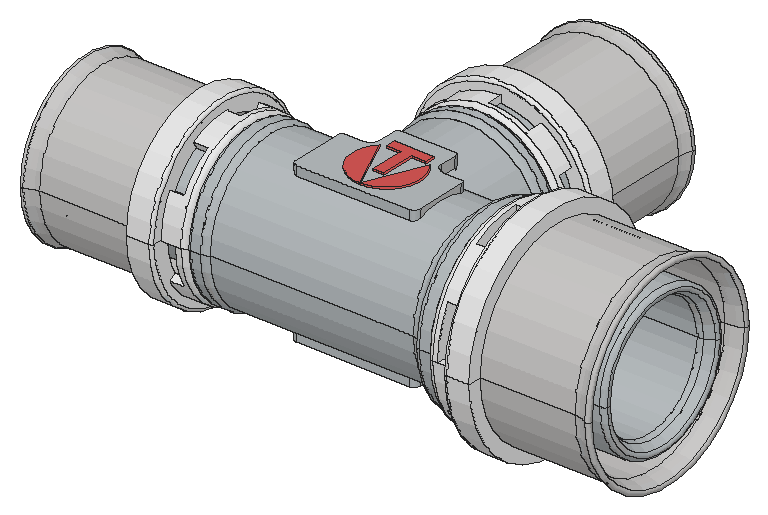
Revit family "VTm_231_ТройникПресс1", category Соединительные детали трубопроводов, Revit 2017
Family settings
  Размер круглого соединителя = Использовать диаметр
  Тип детали = Тройник
  На основе рабочей плоскости = Нет
  Всегда вертикально = Да
  При загрузке вырезать с полостями = Нет
  Общий = Нет
Parameters (values of type "все существующие типоразмеры подбираются автоматически")
  Тело32х32х26 = VTm_231_ТелоТройника_32_32_26__32_32_20 : 32 х 20 х 26
  Тело32х32х20 = VTm_231_ТелоТройника_32_32_26__32_32_20 : 32 х 20 х 26
  Тело32х26х32 = VTm_231_ТелоТройника_32_20_32__32_26_32 : 32 х 20 х 32 и 32 х 26 х 32
  Тело32х26х26 = VTm_231_ТелоТройника_32_20_26__32_26_26 : 32 х 20 х 26 и 32 х 26 х 26
  Тело32х20х32 = VTm_231_ТелоТройника_32_20_32__32_26_32 : 32 х 20 х 32 и 32 х 26 х 32
  Тело32х20х26 = VTm_231_ТелоТройника_32_20_26__32_26_26 : 32 х 20 х 26 и 32 х 26 х 26
  Тело32х16х32 = VTm_231_ТелоТройника_32_16_32 : 32 х 16 х 32
  Тело32 = VTm_231_ТелоТройника_32_32_32 : 32 х 32 х 32
  Тело26х32х32 = VTm_231_ТелоТройника_26_32_32z__20_32_32z : 32 х 20 х 26
  Тело26х32х26 = VTm_231_ТелоТройника_26_32_26 : 26 х 32 х 26
  Тело26х26х32 = VTm_231_ТелоТройника_26_20_32z__26_26_32z : 32 х 20 х 26
  Тело26х26х20 = VTm_231_ТелоТройника_26_20_16__26_20_20__26_20_26__26_26_20__26_26_26 : 26 х 20 х 16 по 26 х 26 х 26
  Тело26х20х32 = VTm_231_ТелоТройника_26_20_32z__26_26_32z : 32 х 20 х 26
  Тело26х20х26 = VTm_231_ТелоТройника_26_20_16__26_20_20__26_20_26__26_26_20__26_26_26 : 26 х 20 х 16 по 26 х 26 х 26
  Тело26х20х20 = VTm_231_ТелоТройника_26_20_16__26_20_20__26_20_26__26_26_20__26_26_26 : 26 х 20 х 16 по 26 х 26 х 26
  Тело26х20х16 = VTm_231_ТелоТройника_26_20_16__26_20_20__26_20_26__26_26_20__26_26_26 : 26 х 20 х 16 по 26 х 26 х 26
  Тело26х16х26 = VTm_231_ТелоТройника_26_16_26 : 26 х 16 х 26
  Тело26х16х20 = VTm_231_ТелоТройника_26_16_20 : 26 х 16 х 20
  Тело26 = VTm_231_ТелоТройника_26_20_16__26_20_20__26_20_26__26_26_20__26_26_26 : 26 х 20 х 16 по 26 х 26 х 26
  Тело20х32х32 = VTm_231_ТелоТройника_26_32_32z__20_32_32z : 32 х 20 х 26
  Тело20х26х26 = VTm_231_ТелоТройника_26_20_16__26_20_20__26_20_26__26_26_20__26_26_26 : 26 х 20 х 16 по 26 х 26 х 26
  Тело20х26х20 = VTm_231_ТелоТройника_20_26_20 : 20 х 26 х 20
  Тело20х20х26 = VTm_231_ТелоТройника_26_20_16__26_20_20__26_20_26__26_26_20__26_26_26 : 26 х 20 х 16 по 26 х 26 х 26
  Тело20х20х16 = VTm_231_ТелоТройника_20_20_16 : 20 х 20 х 16
  Тело20х16х26 = VTm_231_ТелоТройника_20_16_26z : 20 х 16 х 26
  Тело20х16х20 = VTm_231_ТелоТройника_20_16_20 : 20 х 16 х 20
  Тело20х16х16 = VTm_231_ТелоТройника_20_16_16 : 20 х 16 х 16
  Тело20 = VTm_231_ТелоТройника_20_20_20 : 20 х 20 х 20
  Тело16х20х26 = VTm_231_ТелоТройника_26_20_16__26_20_20__26_20_26__26_26_20__26_26_26 : 26 х 20 х 16 по 26 х 26 х 26
  Тело16х20х20 = VTm_231_ТелоТройника_16_20_20z : 16 х 20 х 20
  Тело16х20х16 = VTm_231_ТелоТройника_16_20_16 : 16 х 20 х 16
  Тело16х16х20 = VTm_231_ТелоТройника_16_16_20z : 16 х 16 х 20
  Тело16 = VTm_231_ТелоТройника_16_16_16 : 16 х 16 х 16
  Тело [instance] = if(and(DN1 = 16.00 mm, DN2 = 16.00 mm, DN3 = 16.00 mm), Тело16, if(and(DN1 = 16.00 mm, DN2 = 16.00 mm, DN3 = 20.00 mm), Тело16х16х20, if(and(DN1 = 16.00 mm, DN2 = 20.00 mm, DN3 = 16.00 mm), Тело16х20х16, if(and(DN1 = 16.00 mm, DN2 = 20.00 mm, DN3 = 20.00 mm), Тело16х20х20, if(and(DN1 = 16.00 mm, DN2 = 20.00 mm, DN3 = 26.00 mm), Тело16х20х26, if(and(DN1 = 20.00 mm, DN2 = 20.00 mm, DN3 = 20.00 mm), Тело20, if(and(DN1 = 20.00 mm, DN2 = 16.00 mm, DN3 = 16.00 mm), Тело20х16х16, if(and(DN1 = 20.00 mm, DN2 = 16.00 mm, DN3 = 20.00 mm), Тело20х16х20, if(and(DN1 = 20.00 mm, DN2 = 16.00 mm, DN3 = 26.00 mm), Тело20х16х26, if(and(DN1 = 20.00 mm, DN2 = 20.00 mm, DN3 = 16.00 mm), Тело20х20х16, if(and(DN1 = 20.00 mm, DN2 = 20.00 mm, DN3 = 26.00 mm), Тело20х20х26, if(and(DN1 = 20.00 mm, DN2 = 26.00 mm, DN3 = 20.00 mm), Тело20х26х20, if(and(DN1 = 20.00 mm, DN2 = 26.00 mm, DN3 = 26.00 mm), Тело20х26х26, if(and(DN1 = 20.00 mm, DN2 = 32.00 mm, DN3 = 32.00 mm), Тело20х32х32, if(and(DN1 = 26.00 mm, DN2 = 26.00 mm, DN3 = 26.00 mm), Тело26, if(and(DN1 = 26.00 mm, DN2 = 16.00 mm, DN3 = 20.00 mm), Тело26х16х20, if(and(DN1 = 26.00 mm, DN2 = 16.00 mm, DN3 = 26.00 mm), Тело26х16х26, if(and(DN1 = 26.00 mm, DN2 = 20.00 mm, DN3 = 16.00 mm), Тело26х20х16, if(and(DN1 = 26.00 mm, DN2 = 20.00 mm, DN3 = 20.00 mm), Тело26х20х20, if(and(DN1 = 26.00 mm, DN2 = 20.00 mm, DN3 = 26.00 mm), Тело26х20х26, if(and(DN1 = 26.00 mm, DN2 = 20.00 mm, DN3 = 32.00 mm), Тело26х20х32, if(and(DN1 = 26.00 mm, DN2 = 26.00 mm, DN3 = 20.00 mm), Тело26х26х20, if(and(DN1 = 26.00 mm, DN2 = 26.00 mm, DN3 = 32.00 mm), Тело26х26х32, if(and(DN1 = 26.00 mm, DN2 = 32.00 mm, DN3 = 26.00 mm), Тело26х32х26, if(and(DN1 = 26.00 mm, DN2 = 32.00 mm, DN3 = 32.00 mm), Тело26х32х32, if(and(DN1 = 32.00 mm, DN2 = 32.00 mm, DN3 = 32.00 mm), Тело32, if(and(DN1 = 32.00 mm, DN2 = 16.00 mm, DN3 = 32.00 mm), Тело32х16х32, if(and(DN1 = 32.00 mm, DN2 = 20.00 mm, DN3 = 26.00 mm), Тело32х20х26, if(and(DN1 = 32.00 mm, DN2 = 20.00 mm, DN3 = 32.00 mm), Тело32х20х32, if(and(DN1 = 32.00 mm, DN2 = 26.00 mm, DN3 = 26.00 mm), Тело32х26х26, if(and(DN1 = 32.00 mm, DN2 = 26.00 mm, DN3 = 32.00 mm), Тело32х26х32, if(and(DN1 = 32.00 mm, DN2 = 32.00 mm, DN3 = 20.00 mm), Тело32х32х20, Тело32х32х26))))))))))))))))))))))))))))))))  # VTm_231_ТелоТройника_26_20_32z__26_26_32z : 32 х 20 х 26
  Стоимость = 0
  РадБазы3 [instance] = DN3 / 4  # 8.00 mm
  РадБазы2 [instance] = DN2 / 4  # 6.50 mm
  РадБазы1 [instance] = DN1 / 4  # 6.50 mm
  Описание = "Служит для соединения металлополимерных, РЕХ и PE труб"  # constant formula
  Имя, размер [instance] = ADSK_Наименование  # "Тройник пресс 32х26х26 VTm.231"
  VT_Цена базовая [instance] = size_lookup(DB3, "ST1", 0, DN1, DN2, DN3)  # 828
  VT_logo [instance] = Алюминий, анодированный красный
  VT_body = Цинк
  VT_ring = Пластмасса, непрозрачная, белая
  VT_sleeve = Нержавеющая сталь
  Комментарии к типоразмеру = "Модель разработана по заказу ВЕСТА Регионы, автор Михаил Кузьмин НПО ИНКОМИС, правообладатель ВЕСТА Регионы"  # constant formula
  Изготовитель = "VALTEC"  # constant formula
  ДлинаБазы3 [instance] = size_lookup(DB1, "ST3", 0.00 mm, DN1, DN2, DN3)  # 24.30 mm
  ДлинаБазы2 [instance] = size_lookup(DB1, "ST2", 0.00 mm, DN1, DN2, DN3)  # 24.30 mm
  Гильза32 = VTm_231_Гильза_от_16_до_32 : 32
  Гильза3 [instance] = if(DN3 = 16.00 mm, Гильза16, if(DN3 = 20.00 mm, Гильза20, if(DN3 = 26.00 mm, Гильза26, Гильза32)))  # VTm_231_Гильза_от_16_до_32 : 32
  Гильза26 = VTm_231_Гильза_от_16_до_32 : 26
  Гильза20 = VTm_231_Гильза_от_16_до_32 : 20
  Гильза2 [instance] = if(DN2 = 16.00 mm, Гильза16, if(DN2 = 20.00 mm, Гильза20, if(DN2 = 26.00 mm, Гильза26, Гильза32)))  # VTm_231_Гильза_от_16_до_32 : 26
  Гильза16 = VTm_231_Гильза_от_16_до_32 : 16
  Гильза1 [instance] = if(DN1 = 16.00 mm, Гильза16, if(DN1 = 20.00 mm, Гильза20, if(DN1 = 26.00 mm, Гильза26, Гильза32)))  # VTm_231_Гильза_от_16_до_32 : 26
  URL = "http://valtec.ru/catalog/sistemy_metallopolimernyh_i_polimernyh_truboprovodov/press_fitingi/press_fiting_trojnik_vtm231n.html"
  DN3 [instance] = 32.00 mm
  DN2 [instance] = 26.00 mm
  DN1 [instance] = 26.00 mm
  ДлинаБазы1 [instance] = size_lookup(DB1, "ST1", 0.00 mm, DN1, DN2, DN3)  # 24.30 mm
  DB4 = "VTm_231_МассаТекст"  # constant formula
  DB3 = "VTm_231_Артикул_и_цены"  # constant formula
  DB2 = "VTm_231_Позиция_и_масса"  # constant formula
  DB1 = "VTm_231_Наименование_и_размеры"  # constant formula
  ADSK_Примечание [instance] = ""
  ADSK_Позиция [instance] = size_lookup(DB2, "", "Такого типоразмера не существует", DN1, DN2, DN3)  # "231.322626"
  ADSK_Обозначение [instance] = size_lookup(DB3, "", "Такого типоразмера не существует", DN1, DN2, DN3)  # "VTm.231.N.322626"
  ADSK_Наименование [instance] = size_lookup(DB1, "", "Такого типоразмера не существует", DN1, DN2, DN3)  # "Тройник пресс 32х26х26 VTm.231"
  ADSK_Масса_Текст [instance] = size_lookup(DB4, "", " ", DN1, DN2, DN3)  # "0,412"
  ADSK_Масса [instance] = size_lookup(DB2, "m", 0, DN1, DN2, DN3)  # 0.412
  ADSK_Завод-изготовитель = "VALTEC"  # constant formula
  ADSK_Единица измерения = "шт"  # constant formula
  ADSK_Версия семейства = "01.02"  # constant formula
  ADSK_Версия Revit = "2017"  # constant formula
Reference planes
  plane 1 "По центру (Вперед/Назад)": y = 0
  plane 2: z = 0
  plane 3 "По центру (Влево/Вправо)": x = 0
  plane 4: x = -24.3
  plane 5: x = 24.3
  plane 6: y = 24.3
  plane 7: x = -50.3
  plane 8: x = -76.3
  plane 9: y = 50.3
  plane 10: y = 76.3
  plane 11: x = 56.3
  plane 12: x = 88.3
  plane 13: y = 26
  plane 14: y = -26
  plane 15: y = 32
  plane 16: y = -32
  plane 17: x = -26
  plane 18: x = 26
Forms (mm)
  Extrusion 1, solid, not visible
    sketch origin (0, 0, 0) x (0, 1, 0) y (0, 0, 1)
      loop
        circle (0, 0) r 6.5
    from -24.3 to 0
  Extrusion 2, solid, not visible
    sketch origin (0, 0, 0) x (0, 1, 0) y (0, 0, 1)
      loop
        circle (0, 0) r 8
    from 0 to 24.3
  Extrusion 3, solid, not visible
    sketch origin (0, 0, 0) x (1, 0, 0) y (0, 0, 1)
      loop
        circle (0, 0) r 6.5
    from 0 to -24.3
Lines and regions (mm)
  model lines, style "VT_symbol", detail levels medium
    curve 1: line (-76.3, -26, 0) -> (-24.3, 26, 0)
    curve 2: line (-76.3, 26, 0) -> (-24.3, -26, 0)
    curve 3: line (24.3, 32, 0) -> (88.3, -32, 0)
    curve 4: line (88.3, 32, 0) -> (24.3, -32, 0)
    curve 5: line (-26, 24.3, 0) -> (26, 76.3, 0)
    curve 6: line (-26, 76.3, 0) -> (26, 24.3, 0)
  model lines, style "VT_symbol", detail levels coarse+medium
    curve 7: line (-24.3, 0, 0) -> (24.3, 0, 0)
    curve 8: line (0, 24.3, 0) -> (0, 0, 0)
Dimensions and locks
  "ДлинаБазы1": plane 4 to plane 3 "По центру (Влево/Вправо)"
  "ДлинаБазы3": plane 3 "По центру (Влево/Вправо)" to plane 5
  "ДлинаБазы2": plane 6 to plane 1 "По центру (Вперед/Назад)"
  equal spacing: plane 13, plane 1 "По центру (Вперед/Назад)", plane 14
  "DN1": plane 1 "По центру (Вперед/Назад)" to plane 14
  equal spacing: plane 8, plane 7, plane 4
  "DN1": plane 7 to plane 4
  equal spacing: plane 10, plane 9, plane 6
  "DN2": plane 9 to plane 6
  equal spacing: plane 17, plane 3 "По центру (Влево/Вправо)", plane 18
  "DN2": plane 17 to plane 3 "По центру (Влево/Вправо)"
  equal spacing: plane 5, plane 11, plane 12
  "DN3": plane 5 to plane 11
  equal spacing: plane 15, plane 1 "По центру (Вперед/Назад)", plane 16
  "DN3": plane 16 to plane 1 "По центру (Вперед/Назад)"
  "РадБазы1": radius of Extrusion 1 sketch curve
  "РадБазы3": radius of Extrusion 2 sketch curve
  "РадБазы2": radius of Extrusion 3 sketch curve
  aligned and locked: level to plane 2
  aligned and locked: Extrusion 1 to plane 4
  aligned and locked: plane 1 "По центру (Вперед/Назад)" to Extrusion 1 sketch curve
  aligned and locked: plane 2 to Extrusion 1 sketch curve
  aligned and locked: plane 3 "По центру (Влево/Вправо)" to Extrusion 1
  aligned and locked: plane 1 "По центру (Вперед/Назад)" to Extrusion 2 sketch curve
  aligned and locked: plane 2 to Extrusion 2 sketch curve
  aligned and locked: Extrusion 2 to plane 3 "По центру (Влево/Вправо)"
  aligned and locked: plane 5 to Extrusion 2
  aligned and locked: plane 3 "По центру (Влево/Вправо)" to Extrusion 3 sketch curve
  aligned and locked: plane 2 to Extrusion 3 sketch curve
  aligned and locked: plane 1 "По центру (Вперед/Назад)" to Extrusion 3
  aligned and locked: plane 6 to Extrusion 3
  aligned and locked: nested 1 to plane 1 "По центру (Вперед/Назад)"
  aligned and locked: nested 2 to plane 1 "По центру (Вперед/Назад)"
  aligned and locked: plane 3 "По центру (Влево/Вправо)" to nested 3
  aligned and locked: nested 2 to plane 2
  aligned and locked: plane 2 to nested 1
  aligned and locked: plane 2 to nested 3
  aligned and locked: plane 1 "По центру (Вперед/Назад)" to nested 4
  aligned and locked: plane 3 "По центру (Влево/Вправо)" to nested 4
  aligned and locked: nested 5 to plane 1 "По центру (Вперед/Назад)"
  aligned and locked: nested 7 to plane 1 "По центру (Вперед/Назад)"
  aligned and locked: nested 5 to plane 2
  aligned and locked: nested 7 to plane 2
  aligned and locked: plane 3 "По центру (Влево/Вправо)" to nested 6
  aligned and locked: nested 6 to plane 2
  aligned and locked: plane 14 to curve 1
  aligned and locked: plane 8 to curve 1
  aligned and locked: plane 13 to curve 2
  aligned and locked: plane 8 to curve 2
  aligned and locked: plane 14 to curve 2
  aligned and locked: plane 4 to curve 2
  aligned and locked: plane 10 to curve 6
  aligned and locked: plane 17 to curve 6
  aligned and locked: plane 10 to curve 5
  aligned and locked: curve 5 to plane 18
  aligned and locked: plane 6 to curve 6
  aligned and locked: plane 18 to curve 6
  aligned and locked: plane 13 to curve 1
  aligned and locked: plane 4 to curve 1
  aligned and locked: plane 15 to curve 3
  aligned and locked: plane 5 to curve 3
  aligned and locked: curve 4 to plane 15
  aligned and locked: plane 12 to curve 4
  aligned and locked: curve 3 to plane 16
  aligned and locked: plane 12 to curve 3
  aligned and locked: plane 16 to curve 4
  aligned and locked: plane 5 to curve 4
  aligned and locked: plane 6 to curve 5
  aligned and locked: plane 17 to curve 5
  aligned and locked: curve 8 to nested 4
  aligned and locked: plane 6 to curve 8
  aligned and locked: plane 1 "По центру (Вперед/Назад)" to curve 8
  aligned and locked: plane 1 "По центру (Вперед/Назад)" to curve 7
  aligned and locked: plane 4 to curve 7
  aligned and locked: plane 5 to curve 7
Nested families
  nested 1: "VTm_231_Гильза_от_16_до_32" at (-24.3, 0, 0) x (0, 1, 0) z (-1, 0, 0), type <- "Гильза1", type "26", detail levels fine
  nested 2: "VTm_231_Гильза_от_16_до_32" at (24.3, 0, 0) x (0, 1, 0) z (1, 0, 0), type <- "Гильза3", type "32", detail levels fine
  nested 3: "VTm_231_Гильза_от_16_до_32" at (0, 24.3, 0) x (1, 0, 0) z (0, 1, 0), type <- "Гильза2", type "26", detail levels fine
  nested 4: "VTm_231_ТелоТройника_26_20_32z__26_26_32z" at (0, 0, 0), type <- "Тело", type "32 х 20 х 26", detail levels fine
  nested 5: "MarkR" at (-24.3, 0, 0) x (0, 1, 0) z (1, 0, 0), type "MarkR", not visible
  nested 6: "MarkR" at (0, 24.3, 0) x (1, 0, 0) z (0, -1, 0), type "MarkR", not visible
  nested 7: "MarkR" at (24.3, 0, 0) x (0, 1, 0) z (1, 0, 0), type "MarkR", not visible
Connectors
  piping at (-24.3, 0, 0), diameter 26, driven by "DN1"
    settings: on Extrusion 1, index 1, connector inside diameter 609.6 mm, connector length 0.00 mm, flow factor 0, pipe flow 0.0 L/s, pressure drop 0.0 Pa, fitting loss kfactor 0, connector angle 0.00°, fixture units 0, engagement length 0.00 mm, angle of deflection 0.00°, flow configuration 0, flow direction 0, fitting loss method 0, system type 28, joint type 0, gender type 0, connector reference index 3, connector utility 0, adjustable connector no, is connector primary yes, connector description ""
  piping at (0, 24.3, 0), diameter 26, driven by "DN2"
    settings: on Extrusion 3, index 2, connector inside diameter 609.6 mm, connector length 0.00 mm, flow factor 0, pipe flow 0.0 L/s, pressure drop 0.0 Pa, fitting loss kfactor 0, connector angle 0.00°, fixture units 0, engagement length 0.00 mm, angle of deflection 0.00°, flow configuration 0, flow direction 0, fitting loss method 0, system type 28, joint type 0, gender type 0, connector reference index -1, connector utility 0, adjustable connector no, is connector primary no, connector description ""
  piping at (24.3, 0, 0), diameter 32, driven by "DN3"
    settings: on Extrusion 2, index 3, connector inside diameter 609.6 mm, connector length 0.00 mm, flow factor 0, pipe flow 0.0 L/s, pressure drop 0.0 Pa, fitting loss kfactor 0, connector angle 0.00°, fixture units 0, engagement length 0.00 mm, angle of deflection 0.00°, flow configuration 0, flow direction 0, fitting loss method 0, system type 28, joint type 0, gender type 0, connector reference index 1, connector utility 0, adjustable connector no, is connector primary no, connector description ""
Definition of nested family "VTm_231_Гильза_от_16_до_32"
  Parameters (values of type "32")
    ТолщСтенкТруб = 3.10 mm
    РегулировкаВысотГильз = 16.80 mm
    РадПерфНаруж = 17.30 mm
    РадПерфВнутр = РадПерфНаруж - 1.30 mm  # 16.00 mm
    РадГабаритКольца = 19.40 mm
    Default Elevation = 0.00 mm
    НарРадТруб = НарДиамТруб / 2  # 16.175 mm
    НарДиамТруб = 32.35 mm
    ВысотаОкон = 2.697 mm
    VT_body = none
    VT_ring = none
    VT_sleeve = none
  Types (4, lengths in mm): name | ТолщСтенкТруб | РегулировкаВысотГильз | РадПерфНаруж | РадПерфВнутр | РадГабаритКольца | НарРадТруб | НарДиамТруб
    16 | 2.10 | 17.30 | 9.30 | 8.00 | 11.20 | 8.00 | 16.00
    20 | 2.10 | 17.35 | 11.45 | 10.15 | 13.20 | 10.05 | 20.10
    26 | 3.05 | 17.20 | 14.35 | 13.05 | 16.25 | 13.075 | 26.15
    32 | 3.10 | 16.80 | 17.30 | 16.00 | 19.40 | 16.175 | 32.35
  Reference planes
    plane 1 "По центру (Вперед/Назад)": y = 0
    plane 2: z = 0
    plane 3 "По центру (Влево/Вправо)": x = 0
    plane 4: z = -1.8
    plane 5: z = 2.697
    plane 6: z = 7.197
    plane 7: x = -19.4
    plane 8: x = -17.3
    plane 9 "РадПерфВнутр": x = -16
    plane 10: through (0, 0, 1219.2) normal (-0.5, -0.866, 0)
    plane 11: through (0, 0, 1219.2) normal (-0.866, -0.5, 0)
    plane 12: through (0, 0, 1219.2) normal (-0.866, 0.5, 0)
    plane 13: through (0, 0, 1219.2) normal (-0.5, 0.866, 0)
    plane 14: x = -17.075
    plane 15: z = 23.997
    plane 16: z = 26.813
    plane 17: x = -13.075
    plane 18: x = -10.675
    plane 19 "РадНарТруб": x = -16.175
    plane 20: x = -21.925
  Forms (mm)
    Extrusion 1, solid, not visible
      sketch origin (0, 0, 0) x (1, 0, 0) y (0, 1, 0)
        loop
          line (-1219.2, 1219.2) -> (-1219.2, -1219.2) -> (1219.2, -1219.2) -> (1219.2, 1219.2) -> (-1219.2, 1219.2)
      from 0 to -304.8
    Revolve 2, solid, material <- "VT_ring"
      sketch origin (0, 0, 0) x (1, 0, 0) y (0, 0, 1)
        loop
          line (-16, 0) -> (-16, 2.697) -> (-17.3, 2.697) -> (-17.3, -0.817)
          arc (-17.3, -0.817) -> (-17.012, -1.512) -> (-16.317, -1.8) r 0.983
          line (-16.317, -1.8) -> (0, -1.8) -> (0, 0) -> (-16, 0)
        axis (0, 2.697) -> (0, -1.8)
      angle from 0 to 360
    Extrusion 3, void
      sketch origin (0, 0, 0) x (1, 0, 0) y (0, 1, 0)
        loop
          line (-17.3, 0) -> (-16, 0)
          arc (-16, 0) -> (-15.455, 4.141) -> (-13.856, 8) r 16
          line (-13.856, 8) -> (-14.982, 8.65)
          arc (-14.982, 8.65) -> (-16.711, 4.478) -> (-17.3, 0) r 17.3
        loop
          arc (-8, 13.856) -> (-4.141, 15.455) -> (0, 16) r 16
          line (0, 16) -> (0, 17.3)
          arc (0, 17.3) -> (-4.478, 16.711) -> (-8.65, 14.982) r 17.3
          line (-8.65, 14.982) -> (-8, 13.856)
        loop
          arc (8, 13.856) -> (11.314, 11.314) -> (13.856, 8) r 16
          line (13.856, 8) -> (14.982, 8.65)
          arc (14.982, 8.65) -> (12.233, 12.233) -> (8.65, 14.982) r 17.3
          line (8.65, 14.982) -> (8, 13.856)
        loop
          arc (16, 0) -> (15.455, -4.141) -> (13.856, -8) r 16
          line (13.856, -8) -> (14.982, -8.65)
          arc (14.982, -8.65) -> (16.711, -4.478) -> (17.3, 0) r 17.3
          line (17.3, 0) -> (16, 0)
        loop
          arc (8, -13.856) -> (4.141, -15.455) -> (0, -16) r 16
          line (0, -16) -> (0, -17.3)
          arc (0, -17.3) -> (4.478, -16.711) -> (8.65, -14.982) r 17.3
          line (8.65, -14.982) -> (8, -13.856)
        loop
          arc (-14.982, -8.65) -> (-12.233, -12.233) -> (-8.65, -14.982) r 17.3
          line (-8.65, -14.982) -> (-8, -13.856)
          arc (-8, -13.856) -> (-11.314, -11.314) -> (-13.856, -8) r 16
          line (-13.856, -8) -> (-14.982, -8.65)
      from 0 to 2.697
    Revolve 4, solid, material <- "VT_ring"
      sketch origin (0, 0, 0) x (1, 0, 0) y (0, 0, 1)
        loop
          line (-19.4, 7.197) -> (-19.4, 3.224)
          arc (-19.4, 3.224) -> (-19.246, 2.851) -> (-18.874, 2.697) r 0.526
          line (-18.874, 2.697) -> (-16, 2.697) -> (-16, 7.197) -> (-19.4, 7.197)
        axis (0, 2.697) -> (0, 7.197)
      angle from 0 to 360
    Revolve 5, solid, material <- "VT_sleeve"
      sketch origin (0, 0, 0) x (1, 0, 0) y (0, 0, 1)
        loop
          line (-17.075, 7.197) -> (-16.175, 7.197) -> (-16.175, 23.997)
          arc (-16.175, 23.997) -> (-16.362, 25.453) -> (-16.912, 26.813) r 5.75
          arc (-16.912, 26.813) -> (-17.525, 26.985) -> (-17.697, 26.373) r 0.45
          arc (-17.697, 26.373) -> (-17.233, 25.225) -> (-17.075, 23.997) r 4.85
          line (-17.075, 23.997) -> (-17.075, 7.197)
        axis (0, 26.813) -> (0, 7.197)
      angle from 0 to 360
    Revolve 6, solid, material <- "VT_body"
      sketch origin (0, 0, 0) x (1, 0, 0) y (0, 0, 1)
        loop
          line (-10.939, 24.455) -> (-11.751, 25.866)
          arc (-11.751, 25.866) -> (-12.073, 26.131) -> (-12.49, 26.117) r 0.591
          arc (-12.49, 26.117) -> (-12.915, 25.767) -> (-13.075, 25.239) r 0.951
          line (-13.075, 25.239) -> (-13.075, 0) -> (-10.675, 0) -> (-10.675, 23.469)
          arc (-10.675, 23.469) -> (-10.742, 23.979) -> (-10.939, 24.455) r 1.977
        axis (0, 26.117) -> (0, 0)
      angle from 0 to 360
  Cuts and joins
    Extrusion 3 cuts Revolve 2
  Dimensions and locks
    "РадГабаритКольца": plane 7 to plane 3 "По центру (Влево/Вправо)"
    "РадПерфНаруж": plane 8 to plane 3 "По центру (Влево/Вправо)"
    "РадПерфВнутр": plane 9 "РадПерфВнутр" to plane 3 "По центру (Влево/Вправо)"
    locked: plane 17 to plane 18 at 2.4
    "ТолщСтенкТруб": plane 19 "РадНарТруб" to plane 17
    "НарРадТруб": plane 19 "РадНарТруб" to plane 3 "По центру (Влево/Вправо)"
    locked: plane 14 to plane 19 "РадНарТруб" at 0.9
    "РегулировкаВысотГильз": plane 15 to plane 6
    locked: plane 16 to plane 15 at 2.816
    plane 16 to plane 4 = 28.613 mm
    locked: plane 19 "РадНарТруб" to plane 20 at 5.75
    locked: plane 6 to plane 5 at 4.5
    locked: plane 2 to plane 4 at 1.8
    "ВысотаОкон": plane 5 to plane 2
    "РадПерфВнутр": radius of Extrusion 3 sketch curve  (x6)
    "РадПерфНаруж": radius of Extrusion 3 sketch curve  (x6)
    aligned and locked: plane 2 to Extrusion 1
    aligned and locked: level to Extrusion 1
    aligned and locked: Revolve 2 sketch curve to plane 8
    aligned and locked: Revolve 2 sketch curve to plane 3 "По центру (Влево/Вправо)"
    aligned and locked: plane 2 to Revolve 2 sketch curve
    aligned and locked: plane 4 to Revolve 2 sketch curve  (x2)
    aligned and locked: Revolve 2 sketch curve to plane 2
    aligned and locked: Extrusion 3 sketch curve to plane 1 "По центру (Вперед/Назад)"
    aligned and locked: plane 10 to Extrusion 3 sketch curve
    aligned and locked: plane 3 "По центру (Влево/Вправо)" to Extrusion 3 sketch curve  (x13)
    aligned and locked: plane 1 "По центру (Вперед/Назад)" to Extrusion 3 sketch curve  (x13)
    aligned and locked: Extrusion 3 to plane 2
    aligned and locked: plane 5 to Extrusion 3
    aligned and locked: Revolve 2 sketch curve to plane 9 "РадПерфВнутр"
    aligned and locked: Revolve 2 sketch curve to plane 5
    aligned and locked: Extrusion 3 sketch curve to plane 11
    aligned and locked: Extrusion 3 sketch curve to plane 3 "По центру (Влево/Вправо)"
    aligned and locked: Extrusion 3 sketch curve to plane 12
    aligned and locked: plane 13 to Extrusion 3 sketch curve
    aligned and locked: Extrusion 3 sketch curve to plane 10
    aligned and locked: plane 11 to Extrusion 3 sketch curve
    aligned and locked: Extrusion 3 sketch curve to plane 13
    aligned and locked: plane 12 to Extrusion 3 sketch curve
    aligned and locked: plane 9 "РадПерфВнутр" to Revolve 4 sketch curve
    aligned and locked: plane 7 to Revolve 4 sketch curve
    aligned and locked: plane 6 to Revolve 4 sketch curve
    aligned and locked: Revolve 4 sketch curve to plane 5
    aligned and locked: plane 3 "По центру (Влево/Вправо)" to Revolve 4 sketch curve
    aligned and locked: plane 4 to Revolve 4 sketch curve
    aligned and locked: plane 2 to Revolve 4 sketch curve
    aligned and locked: Revolve 5 sketch curve to plane 3 "По центру (Влево/Вправо)"
    aligned and locked: plane 4 to Revolve 5 sketch curve
    aligned and locked: plane 2 to Revolve 5 sketch curve
    aligned and locked: Revolve 5 sketch curve to plane 14
    aligned and locked: Revolve 5 sketch curve to plane 6
    aligned and locked: Revolve 6 sketch curve to plane 2
    aligned and locked: plane 17 to Revolve 6 sketch curve
    aligned and locked: Revolve 6 sketch curve to plane 3 "По центру (Влево/Вправо)"
    aligned and locked: plane 4 to Revolve 6 sketch curve
    aligned and locked: plane 2 to Revolve 6 sketch curve
    aligned and locked: Revolve 6 sketch curve to plane 18
    aligned and locked: Revolve 5 sketch curve to plane 19 "РадНарТруб"
    aligned and locked: plane 20 to Revolve 5 sketch curve  (x2)
    aligned and locked: plane 15 to Revolve 5 sketch curve  (x2)
  Automatic sketch dimensions
    Extrusion 1 sketch curve to Extrusion 1 sketch curve = 2438.40 mm  (x2)
    Revolve 2 sketch curve to plane 3 "По центру (Влево/Вправо)" = 0.00 mm
    Revolve 2 sketch curve to plane 9 "РадПерфВнутр" = 0.317 mm
    Revolve 4 sketch curve to Revolve 4 sketch curve = 0.526 mm
    Revolve 5 sketch curve to plane 16 = 0.00 mm
    Revolve 5 sketch curve to Revolve 5 sketch curve = 0.00 mm  (x2)
    Revolve 6 sketch curve to plane 17 = 0.423 mm
    Revolve 6 sketch curve to plane 17 = 0.812 mm
    Revolve 6 sketch curve to Revolve 6 sketch curve = 0.139 mm
    Revolve 6 sketch curve to Revolve 6 sketch curve = 0.512 mm
    plane 18 to Revolve 6 sketch curve = 0.264 mm
    plane 15 to Revolve 6 sketch curve = 0.528 mm
    Revolve 6 sketch curve to Revolve 6 sketch curve = 0.332 mm
Definition of nested family "VTm_231_ТелоТройника_26_20_32z__26_26_32z"
  Parameters (values of type "32 х 20 х 26")
    VT_logo = none
    VT_body = none
  Reference planes
    plane 1 "По центру (Вперед/Назад)": y = 0
    plane 2: z = 0
    plane 3 "По центру (Влево/Вправо)": x = 0
    plane 4: z = 1.5
    plane 5: z = -1.5
    plane 6: z = 13.955
    plane 7: z = -13.955
    plane 8: x = -22.515
    plane 9: y = 22.502
    plane 10: x = 22.515
    plane 11: y = 1.8
  Forms (mm)
    Revolve 1, solid, material <- "VT_body"
      sketch origin (0, 0, 0) x (1, 0, 0) y (0, 1, 0)
        loop
          line (0, 22.502) -> (-13.436, 22.502)
          arc (-13.436, 22.502) -> (-13.835, 22.337) -> (-14, 21.938) r 0.564
          line (-14, 21.938) -> (-14, 20.5)
          arc (-14, 20.5) -> (-13.871, 19.709) -> (-13.498, 19) r 2.492
          line (-13.498, 19) -> (-13.498, 0) -> (0, 0) -> (0, 22.502)
        axis (0, 0) -> (0, 22.502)
      angle from 0 to 360
    Extrusion 2, solid, material <- "VT_body"
      sketch origin (0, 0, 0) x (1, 0, 0) y (0, 1, 0)
        loop
          arc (-4.507, 11) -> (-5.209, 10.709) -> (-5.5, 10.007) r 0.993
          line (-5.5, 10.007) -> (-5.5, 7.005)
          arc (-5.5, 7.005) -> (-5.941, 5.941) -> (-7.005, 5.5) r 1.505
          line (-7.005, 5.5) -> (-10.033, 5.5)
          arc (-10.033, 5.5) -> (-10.717, 5.217) -> (-11, 4.533) r 0.967
          line (-11, 4.533) -> (-11, -4.513)
          arc (-11, -4.513) -> (-10.711, -5.211) -> (-10.013, -5.5) r 0.987
          line (-10.013, -5.5) -> (9.995, -5.5)
          arc (9.995, -5.5) -> (10.706, -5.206) -> (11, -4.495) r 1.005
          line (11, -4.495) -> (11, 4.532)
          arc (11, 4.532) -> (10.716, 5.216) -> (10.032, 5.5) r 0.968
          line (10.032, 5.5) -> (6.99, 5.5)
          arc (6.99, 5.5) -> (5.936, 5.936) -> (5.5, 6.99) r 1.49
          line (5.5, 6.99) -> (5.5, 10.026)
          arc (5.5, 10.026) -> (5.215, 10.715) -> (4.526, 11) r 0.974
          line (4.526, 11) -> (-4.507, 11)
      from -13.955 to 13.955
    Revolve 3, solid, material <- "VT_body"
      sketch origin (0, 0, 0) x (1, 0, 0) y (0, 1, 0)
        loop
          line (-22.515, 0) -> (-22.515, -13.49)
          arc (-22.515, -13.49) -> (-22.366, -13.851) -> (-22.005, -14) r 0.51
          line (-22.005, -14) -> (-20.193, -14)
          arc (-20.193, -14) -> (-19.54, -13.87) -> (-18.986, -13.5) r 1.709
          line (-18.986, -13.5) -> (16.88, -13.5)
          arc (16.88, -13.5) -> (17.899, -13.773) -> (18.645, -14.519) r 2.038
          line (18.645, -14.519) -> (19.207, -15.492)
          arc (19.207, -15.492) -> (19.579, -15.864) -> (20.086, -16) r 1.015
          line (20.086, -16) -> (22.005, -16)
          arc (22.005, -16) -> (22.366, -15.851) -> (22.515, -15.49) r 0.51
          line (22.515, -15.49) -> (22.515, 0) -> (-22.515, 0)
        axis (-22.515, 0) -> (22.515, 0)
      angle from 0 to 360
    Extrusion 4, solid, material <- "VT_body"
      sketch origin (0, 0, 0) x (-1, 0, 0) y (0, -1, 0)
        loop
          line (-13.498, -18.975) -> (-13.498, -13.5) -> (-16.916, -13.5)
          arc (-16.916, -13.5) -> (-17.892, -13.758) -> (-18.613, -14.463) r 1.976
          line (-18.613, -14.463) -> (-19.054, -15.227) -> (-13.498, -18.975)
      from -1.5 to 1.5
    Extrusion 5, solid, material <- "VT_body"
      sketch origin (0, 0, 0) x (1, 0, 0) y (0, 1, 0)
        loop
          line (-13.498, 18.975) -> (-18.973, 13.5) -> (-13.498, 13.5) -> (-13.498, 18.975)
      from -1.5 to 1.5
  Cuts and joins
    joined: Revolve 1, Revolve 3
  Dimensions and locks
    equal spacing: plane 4, plane 2, plane 5, locked at 1.5 each
    equal spacing: plane 6, plane 2, plane 7, locked at 13.955 each
    equal spacing: plane 8, plane 3 "По центру (Влево/Вправо)", plane 10, locked at 22.515 each
    locked: plane 9 to plane 1 "По центру (Вперед/Назад)" at 22.502
    equal spacing: Extrusion 2, plane 1 "По центру (Вперед/Назад)", Extrusion 2, locked at 5.5 each  (x2)
    equal spacing: Extrusion 2, plane 3 "По центру (Влево/Вправо)", Extrusion 2, locked at 5.5 each
    equal spacing: Extrusion 2, plane 3 "По центру (Влево/Вправо)", Extrusion 2, locked at 11 each
    locked: Extrusion 2 to plane 1 "По центру (Вперед/Назад)" at 11
    locked: plane 11 to plane 1 "По центру (Вперед/Назад)" at 1.8
    aligned and locked: level to plane 2
    aligned and locked: Revolve 1 sketch curve to plane 3 "По центру (Влево/Вправо)"
    aligned and locked: plane 3 "По центру (Влево/Вправо)" to Revolve 1 sketch curve
    aligned and locked: plane 1 "По центру (Вперед/Назад)" to Revolve 1 sketch curve
    aligned and locked: plane 6 to Extrusion 2
    aligned and locked: plane 7 to Extrusion 2
    aligned and locked: Revolve 3 sketch curve to Revolve 3 sketch curve  (x2)
    aligned and locked: Revolve 1 sketch curve to Revolve 1 sketch curve  (x2)
    aligned and locked: Revolve 3 sketch curve to plane 8
    aligned and locked: plane 10 to Revolve 3 sketch curve
    aligned and locked: plane 9 to Revolve 1 sketch curve
    aligned and locked: plane 3 "По центру (Влево/Вправо)" to nested 1
    aligned and locked: nested 1 to plane 11
    aligned and locked: nested 2 to plane 3 "По центру (Влево/Вправо)"
    aligned and locked: nested 2 to plane 11
  Automatic sketch dimensions
    Revolve 1 sketch curve to plane 9 = 2.002 mm
    plane 8 to Revolve 1 sketch curve = 11.007 mm
    Revolve 1 sketch curve to plane 9 = 0.564 mm
    Revolve 1 sketch curve to Revolve 1 sketch curve = 1.928 mm
    Revolve 1 sketch curve to plane 3 "По центру (Влево/Вправо)" = 13.498 mm
    plane 11 to Extrusion 2 sketch curve = 2.733 mm
    Extrusion 2 sketch curve to plane 3 "По центру (Влево/Вправо)" = 11.00 mm
    Extrusion 2 sketch curve to Extrusion 2 sketch curve = 0.967 mm
    Extrusion 2 sketch curve to Extrusion 2 sketch curve = 0.987 mm
    Extrusion 2 sketch curve to Extrusion 2 sketch curve = 3.028 mm
    Extrusion 2 sketch curve to Extrusion 2 sketch curve = 1.505 mm
    Extrusion 2 sketch curve to Extrusion 2 sketch curve = 0.993 mm
    plane 3 "По центру (Влево/Вправо)" to Extrusion 2 sketch curve = 4.526 mm
    Extrusion 2 sketch curve to Extrusion 2 sketch curve = 0.974 mm
    Extrusion 2 sketch curve to Extrusion 2 sketch curve = 1.49 mm
    plane 3 "По центру (Влево/Вправо)" to Extrusion 2 sketch curve = 9.995 mm
    Extrusion 2 sketch curve to Extrusion 2 sketch curve = 3.042 mm
    Extrusion 2 sketch curve to Extrusion 2 sketch curve = 0.968 mm
    plane 11 to Extrusion 2 sketch curve = 2.732 mm
    plane 1 "По центру (Вперед/Назад)" to Extrusion 2 sketch curve = 4.495 mm
    Extrusion 2 sketch curve to Extrusion 2 sketch curve = 3.002 mm
    plane 1 "По центру (Вперед/Назад)" to Revolve 3 sketch curve = 0.00 mm  (x2)
    Revolve 3 sketch curve to Revolve 3 sketch curve = 0.51 mm  (x2)
    Revolve 3 sketch curve to Revolve 3 sketch curve = 1.812 mm
    Revolve 3 sketch curve to Revolve 3 sketch curve = 1.208 mm
    plane 10 to Revolve 3 sketch curve = 5.635 mm
    Revolve 3 sketch curve to Revolve 3 sketch curve = 1.765 mm
    Revolve 3 sketch curve to Revolve 3 sketch curve = 0.562 mm
    Revolve 3 sketch curve to Revolve 3 sketch curve = 0.879 mm
    plane 1 "По центру (Вперед/Назад)" to Revolve 3 sketch curve = 12.291 mm
    Revolve 3 sketch curve to Revolve 3 sketch curve = 1.199 mm
    Revolve 3 sketch curve to Revolve 3 sketch curve = 1.019 mm
    plane 10 to Extrusion 4 sketch curve = 3.461 mm
    Extrusion 4 sketch curve to Extrusion 4 sketch curve = 0.441 mm
    Extrusion 4 sketch curve to Extrusion 4 sketch curve = 1.697 mm
    Extrusion 4 sketch curve to Extrusion 4 sketch curve = 3.418 mm
    Extrusion 4 sketch curve to plane 9 = 3.527 mm
    Extrusion 4 sketch curve to Extrusion 4 sketch curve = 3.498 mm
    Extrusion 4 sketch curve to Extrusion 4 sketch curve = 0.249 mm
    Extrusion 4 sketch curve to Extrusion 4 sketch curve = 0.764 mm
    plane 8 to Extrusion 5 sketch curve = 3.543 mm
    Extrusion 5 sketch curve to Extrusion 5 sketch curve = 5.475 mm
    Extrusion 5 sketch curve to plane 9 = 9.002 mm
    Extrusion 5 sketch curve to plane 9 = 3.527 mm
  Nested families
    nested 1: "VTm_231_Logo_12mm" at (0, 1.8, 13.955), type "VTm_231_Logo_12mm"
    nested 2: "VTm_231_Logo_12mm" at (0, 1.8, -13.955) x (-1, 0, 0) z (0, 0, -1), type "VTm_231_Logo_12mm"
  Definition of nested family "VTm_231_Logo_12mm"
    Parameters (values of type "VTm_231_Logo_12mm")
      Default Elevation = 0.00 mm
      Description = ""
      Type Comments = ""
      VT_logo = none
    Reference planes
      plane 1 "По центру (Вперед/Назад)": y = 0
      plane 2: z = 0
      plane 3 "По центру (Влево/Вправо)": x = 0
      plane 4: z = -0.8
      plane 5: z = 0.25
    Forms (mm)
      Extrusion 1, solid, not visible
        sketch origin (0, 0, 0) x (1, 0, 0) y (0, 1, 0)
          loop
            line (-1219.2, 1219.2) -> (-1219.2, -1219.2) -> (1219.2, -1219.2) -> (1219.2, 1219.2) -> (-1219.2, 1219.2)
        from 0 to -304.8
      Extrusion 2, solid, material <- "VT_logo"
        sketch origin (0, 0, 0) x (1, 0, 0) y (0, 1, 0)
          loop
            line (-3.5, 6.117) -> (-3.5, 4.317) -> (-0.95, 4.317) -> (-0.95, -1.8) -> (0.95, -1.8) -> (0.95, 4.317) -> (3.5, 4.317) -> (3.5, 6.117) -> (-3.5, 6.117)
          loop
            line (-0.005, -6.003) -> (-4.465, 4.013)
            arc (-4.465, 4.013) -> (-5.484, -2.442) -> (-0.005, -6.003) r 6.003
        from -0.8 to 0.25
      Extrusion 3, solid, material <- "VT_logo"
        sketch origin (0, 0, 0) x (1, 0, 0) y (0, 1, 0)
          loop
            line (4.465, 4.013) -> (0.005, -6.003)
            arc (0.005, -6.003) -> (5.484, -2.442) -> (4.465, 4.013) r 6.003
        from -0.8 to 0.25
    Dimensions and locks
      locked: plane 2 to plane 4 at 0.8
      locked: plane 5 to plane 2 at 0.25
      Extrusion 2 sketch curve to plane 3 "По центру (Влево/Вправо)" to Extrusion 2 sketch curve = 3.50 mm, 3.50 mm
      Extrusion 2 sketch curve to plane 3 "По центру (Влево/Вправо)" to Extrusion 2 sketch curve = 0.95 mm, 0.95 mm
      Extrusion 2 sketch curve to plane 1 "По центру (Вперед/Назад)" = 1.80 mm
      Extrusion 2 sketch curve to Extrusion 2 sketch curve = 1.80 mm  (x2)
      Extrusion 2 sketch curve to plane 1 "По центру (Вперед/Назад)" = 6.117 mm
      equal spacing: Extrusion 2, plane 3 "По центру (Влево/Вправо)", Extrusion 2, locked at 3.5 each
      equal spacing: Extrusion 2, plane 3 "По центру (Влево/Вправо)", Extrusion 2, locked at 0.95 each
      locked: Extrusion 2 to Extrusion 2 at 1.8  (x2)
      locked: Extrusion 2 to plane 1 "По центру (Вперед/Назад)" at 1.8
      locked: Extrusion 2 to plane 1 "По центру (Вперед/Назад)" at 6.117
      aligned and locked: plane 2 to Extrusion 1
      aligned and locked: level to Extrusion 1
      aligned and locked: plane 3 "По центру (Влево/Вправо)" to Extrusion 2 sketch curve
      aligned and locked: plane 1 "По центру (Вперед/Назад)" to Extrusion 2 sketch curve
      aligned and locked: plane 1 "По центру (Вперед/Назад)" to Extrusion 3 sketch curve
      aligned and locked: plane 3 "По центру (Влево/Вправо)" to Extrusion 3 sketch curve
      aligned and locked: Extrusion 2 to plane 4
      aligned and locked: Extrusion 3 to plane 4
      aligned and locked: plane 5 to Extrusion 3
      aligned and locked: plane 5 to Extrusion 2
    Automatic sketch dimensions
      Extrusion 1 sketch curve to Extrusion 1 sketch curve = 2438.40 mm  (x2)
      Extrusion 2 sketch curve to Extrusion 2 sketch curve = 0.965 mm
      Extrusion 2 sketch curve to plane 3 "По центру (Влево/Вправо)" = 0.005 mm
      Extrusion 2 sketch curve to Extrusion 2 sketch curve = 4.203 mm
      plane 3 "По центру (Влево/Вправо)" to Extrusion 3 sketch curve = 0.005 mm
      plane 3 "По центру (Влево/Вправо)" to Extrusion 3 sketch curve = 4.465 mm
      plane 1 "По центру (Вперед/Назад)" to Extrusion 3 sketch curve = 6.003 mm
Definition of nested family "MarkR"
  Parameters (values of type "MarkR")
    Default Elevation = 0.00 mm
  Reference planes
    plane 1 "По центру (Вперед/Назад)": y = 0
    plane 2: z = 0
    plane 3 "По центру (Влево/Вправо)": x = 0
    plane 4: y = 0.437
    plane 5: x = -0.424
    plane 6: x = 0.424
    plane 7: y = -0.335
    plane 8: y = -0.62
    plane 9: y = 0.307
    plane 10: x = 0.537
    plane 11: x = -0.537
  Forms (mm)
    Extrusion 1, solid
      sketch origin (0, 0, 0) x (1, 0, 0) y (0, 1, 0)
        loop
          line (-1219.2, 1219.2) -> (-1219.2, -1219.2) -> (1219.2, -1219.2) -> (1219.2, 1219.2) -> (-1219.2, 1219.2)
      from 0 to -304.8
  Lines and regions (mm)
    model lines
      curve 1: circle (0, 0, 0) r 0.75 normal (0, 0, 1)
      curve 2: line (-0.537, 0.307, 0) -> (0, -0.62, 0)
      curve 3: line (0.537, 0.307, 0) -> (0, -0.62, 0)
      curve 4: line (0, -0.335, 0) -> (0, 0.437, 0)
      curve 5: line (-0.424, 0.437, 0) -> (0.424, 0.437, 0)
    model lines, not visible
      curve 6: circle (0, 0, 0) r 0.75 normal (0, 0, 1)
      curve 7: line (-0.537, 0.307, 0) -> (0, -0.62, 0)
      curve 8: line (0.537, 0.307, 0) -> (0, -0.62, 0)
      curve 9: line (0, -0.335, 0) -> (0, 0.437, 0)
      curve 10: line (-0.424, 0.437, 0) -> (0.424, 0.437, 0)
  Dimensions and locks
    locked: plane 4 to plane 1 "По центру (Вперед/Назад)" at 0.437
    locked: plane 7 to plane 1 "По центру (Вперед/Назад)" at 0.335
    locked: plane 9 to plane 1 "По центру (Вперед/Назад)" at 0.307
    locked: plane 8 to plane 1 "По центру (Вперед/Назад)" at 0.62
    equal spacing: plane 5, plane 3 "По центру (Влево/Вправо)", plane 6, locked at 0.424 each
    equal spacing: plane 11, plane 3 "По центру (Влево/Вправо)", plane 10, locked at 0.537 each
    aligned and locked: plane 2 to Extrusion 1
    aligned and locked: level to Extrusion 1
    aligned and locked: plane 2 to curve 1
    aligned and locked: plane 3 "По центру (Влево/Вправо)" to curve 1
    aligned and locked: plane 1 "По центру (Вперед/Назад)" to curve 1
  Automatic sketch dimensions
    Extrusion 1 sketch curve to Extrusion 1 sketch curve = 2438.40 mm  (x2)
